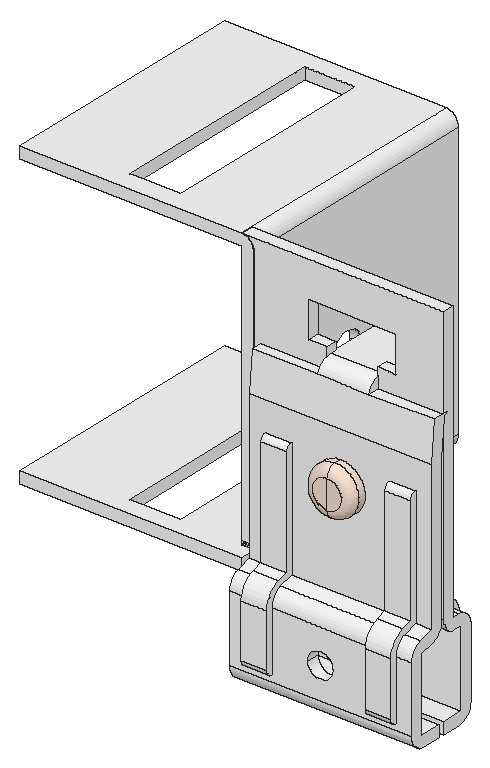
Revit family "cthanger_h0_left", category 機械設備, Revit 2022
Family settings
  丸型コネクタ寸法 = 直径を使用
  種別 = なし
  パーツ タイプ = 標準
  作業面ベース = いいえ
  常に垂直 = はい
  ロード時にボイドで切り取り = いいえ
  注釈の向きを維持 = いいえ
  共有 = いいえ
  部屋計算ポイント = いいえ
Parameters
  製造元 = "株式会社桐井製作所"
  既定の高さ = 0 mm
  URL = "https://www.kirii.co.jp/"
  K_材質 = "溶融亜鉛めっき鋼板及び鋼帯 SGCC 一般用"
  K_品名 = "CTハンガーH＝0左"
  K_名称 = "CTハンガー"
  K_入数 = "200"
  K_備考 = "対象Tバー：eT4025、eAT4025"
  K_バージョン情報 = "20220915"
  K_めっき付着量 = "Z12"
  K_JIS規格 = "JIS G 3302"
Reference planes
  plane 1 "中心(正面/背面)": y = 0
  plane 2: z = 0
  plane 3 "中心(左/右)": x = 0
Forms (mm)
  Extrusion 1, void
    sketch origin (0, -1.2, 0) x (-1, 0, 0) y (0, 0, 1)
      loop
        line (-6, 31.356) -> (-6, 26.343) -> (-3.5, 26.343) -> (-3.5, 21.356) -> (3.5, 21.356) -> (3.5, 26.343) -> (6, 26.343) -> (6, 31.356) -> (-6, 31.356)
    from 1.2 to 2.8
  Extrusion 2, void
    sketch origin (0.011, -1.2, 4.995) x (-1, 0, 0) y (0, 0, 1)
      loop
        circle (0, 6.373) r 2.5
    from 0 to 3.2
  Extrusion 3, void
    sketch origin (0, 0.4, 0) x (1, 0, 0) y (0, 0, 1)
      loop
        line (-13.5, -1.944) -> (-15.1, -1.944) -> (-15.1, -15.644) -> (-12.5, -15.644) -> (-12.5, -2.944)
        arc (-12.5, -2.944) -> (-12.793, -2.237) -> (-13.5, -1.944) r 1
    from -4.2 to 5.8
  Extrusion 4, solid, material "05吊り材"
    sketch origin (0, 1.2, 0) x (0, 1, 0) y (0, 0, -1)
      loop
        line (1.8, 3.544) -> (0.8, 3.544)
        arc (0.8, 3.544) -> (-0.614, 2.958) -> (-1.2, 1.544) r 2
        line (-1.2, 1.544) -> (-1.2, -36.356) -> (0.4, -36.356) -> (0.4, -11.856) -> (0.4, 1.944) -> (1.4, 1.944)
        arc (1.4, 1.944) -> (2.814, 2.53) -> (3.4, 3.944) r 2
        line (3.4, 3.944) -> (3.4, 13.644)
        arc (3.4, 13.644) -> (2.814, 15.058) -> (1.4, 15.644) r 2
        line (1.4, 15.644) -> (-1.2, 15.644) -> (-1.2, 14.044) -> (1.8, 14.044) -> (1.8, 3.544)
    from -12.5 to 15.1
  Extrusion 5, solid, material "アルミニウム"
    sketch origin (0, 1.2, 4.922) x (-1, 0, 0) y (0, 0, -1)
      loop
        circle (0, -6.436) r 4.1
      loop
        circle (0, -6.436) r 2.499
    from -1.8 to 0
  Extrusion 6, solid, material "05吊り材"
    sketch origin (16, 1.2, 0) x (0, 1, 0) y (0, 0, -1)
      loop
        line (1.3, -12.456) -> (1.3, 1.087) -> (2.095, 1.087)
        arc (2.095, 1.087) -> (3.685, 2.14) -> (4.3, 3.944) r 2.953
        line (4.3, 3.944) -> (4.3, 11.744)
        arc (4.3, 11.744) -> (4.036, 12.38) -> (3.4, 12.644) r 0.9
        line (3.4, 12.644) -> (3.4, 3.944)
        arc (3.4, 3.944) -> (2.814, 2.53) -> (1.4, 1.944) r 2
        line (1.4, 1.944) -> (0.4, 1.944) -> (0.4, -13.356)
        arc (0.4, -13.356) -> (1.036, -13.093) -> (1.3, -12.456) r 0.9
      loop
        line (-4, 1.245) -> (-4, -13.556)
        arc (-4, -13.556) -> (-3.766, -14.122) -> (-3.2, -14.356) r 0.8
        line (-3.2, -14.356) -> (-3.2, 1.844) -> (-5.093, 2.4)
        arc (-5.093, 2.4) -> (-6.181, 3.157) -> (-6.6, 4.415) r 2.1
        line (-6.6, 4.415) -> (-6.6, 12.644)
        arc (-6.6, 12.644) -> (-7.166, 12.409) -> (-7.4, 11.844) r 0.8
        line (-7.4, 11.844) -> (-7.4, 4.415)
        arc (-7.4, 4.415) -> (-6.822, 2.678) -> (-5.318, 1.633) r 2.9
        line (-5.318, 1.633) -> (-4, 1.245)
    from 5.75 to 9.25
  Extrusion 7, void
    sketch origin (0.011, 1.2, 4.995) x (-1, 0, 0) y (0, 0, -1)
      loop
        circle (0, -6.373) r 2.5
    from 0 to 3.2
  Extrusion 8, void
    sketch origin (0, -42.1, 50.967) x (1, 0, 0) y (0, 0, -1)
      loop
        line (-3.5, 25.623) -> (-3.5, 27.211) -> (-12.5, 27.211) -> (-12.5, 25.623) -> (-3.5, 25.623)
      loop
        line (12.5, 25.623) -> (12.5, 27.211) -> (3.5, 27.211) -> (3.5, 25.623) -> (12.5, 25.623)
    from 40.46 to 51.2
  Extrusion 9, solid, material "05吊り材"
    sketch origin (0, 1.2, 0) x (0, 1, 0) y (0, 0, -1)
      loop
        line (-5, 4.041) -> (-5, 14.044) -> (-2, 14.044) -> (-2, 15.644) -> (-4.5, 15.644)
        arc (-4.5, 15.644) -> (-5.985, 15.029) -> (-6.6, 13.544) r 2.1
        line (-6.6, 13.544) -> (-6.6, 4.415)
        arc (-6.6, 4.415) -> (-6.181, 3.157) -> (-5.093, 2.4) r 2.1
        line (-5.093, 2.4) -> (-3.2, 1.844) -> (-3.2, -18.356) -> (-2.659, -23.655)
        arc (-2.659, -23.655) -> (-1.932, -24.867) -> (-0.6, -25.343) r 2.1
        line (-0.6, -25.343) -> (7.9, -25.343) -> (7.9, -23.756) -> (-0.6, -23.756)
        arc (-0.6, -23.756) -> (-0.954, -23.61) -> (-1.1, -23.256) r 0.5
        line (-1.1, -23.256) -> (-1.6, -18.356) -> (-1.6, 1.47)
        arc (-1.6, 1.47) -> (-2.019, 2.728) -> (-3.107, 3.484) r 2.1
        line (-3.107, 3.484) -> (-5, 4.041)
    from -12.5 to 12.5
  Extrusion 10, solid, material "05吊り材"
    sketch origin (-1, 1.2, 0) x (0, 1, 0) y (0, 0, -1)
      loop
        line (1.3, -12.456) -> (1.3, 1.087) -> (2.095, 1.087)
        arc (2.095, 1.087) -> (3.685, 2.14) -> (4.3, 3.944) r 2.953
        line (4.3, 3.944) -> (4.3, 11.744)
        arc (4.3, 11.744) -> (4.036, 12.38) -> (3.4, 12.644) r 0.9
        line (3.4, 12.644) -> (3.4, 3.944)
        arc (3.4, 3.944) -> (2.814, 2.53) -> (1.4, 1.944) r 2
        line (1.4, 1.944) -> (0.4, 1.944) -> (0.4, -13.356)
        arc (0.4, -13.356) -> (1.036, -13.093) -> (1.3, -12.456) r 0.9
      loop
        line (-4, 1.245) -> (-4, -13.556)
        arc (-4, -13.556) -> (-3.766, -14.122) -> (-3.2, -14.356) r 0.8
        line (-3.2, -14.356) -> (-3.2, 1.844) -> (-5.093, 2.4)
        arc (-5.093, 2.4) -> (-6.181, 3.157) -> (-6.6, 4.415) r 2.1
        line (-6.6, 4.415) -> (-6.6, 12.644)
        arc (-6.6, 12.644) -> (-7.166, 12.409) -> (-7.4, 11.844) r 0.8
        line (-7.4, 11.844) -> (-7.4, 4.415)
        arc (-7.4, 4.415) -> (-6.822, 2.678) -> (-5.318, 1.633) r 2.9
        line (-5.318, 1.633) -> (-4, 1.245)
    from 5.75 to 9.25
  Extrusion 11, solid, material "05吊り材"
    sketch origin (16, 1.2, 0) x (0, 1, 0) y (0, 0, -1)
      loop
        line (1.3, -12.456) -> (1.3, 1.087) -> (2.095, 1.087)
        arc (2.095, 1.087) -> (3.685, 2.14) -> (4.3, 3.944) r 2.953
        line (4.3, 3.944) -> (4.3, 11.744)
        arc (4.3, 11.744) -> (4.036, 12.38) -> (3.4, 12.644) r 0.9
        line (3.4, 12.644) -> (3.4, 3.944)
        arc (3.4, 3.944) -> (2.814, 2.53) -> (1.4, 1.944) r 2
        line (1.4, 1.944) -> (0.4, 1.944) -> (0.4, -13.356)
        arc (0.4, -13.356) -> (1.036, -13.093) -> (1.3, -12.456) r 0.9
      loop
        line (-4, 1.245) -> (-4, -13.556)
        arc (-4, -13.556) -> (-3.766, -14.122) -> (-3.2, -14.356) r 0.8
        line (-3.2, -14.356) -> (-3.2, 1.844) -> (-5.093, 2.4)
        arc (-5.093, 2.4) -> (-6.181, 3.157) -> (-6.6, 4.415) r 2.1
        line (-6.6, 4.415) -> (-6.6, 12.644)
        arc (-6.6, 12.644) -> (-7.166, 12.409) -> (-7.4, 11.844) r 0.8
        line (-7.4, 11.844) -> (-7.4, 4.415)
        arc (-7.4, 4.415) -> (-6.822, 2.678) -> (-5.318, 1.633) r 2.9
        line (-5.318, 1.633) -> (-4, 1.245)
    from 5.75 to 9.25
  Extrusion 12, void
    sketch origin (0, 34.992, -20.1) x (1, 0, 0) y (0, 1, 0)
      loop
        line (-32.5, -2.5) -> (-32.5, -32.5) -> (-25.5, -32.5) -> (-25.5, -2.5) -> (-32.5, -2.5)
    from 54.856 to 56.456
  Extrusion 13, void
    sketch origin (0, 34.992, -60.1) x (1, 0, 0) y (0, 1, 0)
      loop
        line (-32.5, -2.5) -> (-32.5, -32.5) -> (-25.5, -32.5) -> (-25.5, -2.5) -> (-32.5, -2.5)
    from 54.856 to 56.456
  Extrusion 14, void
    sketch origin (0, -8.4, -3.594) x (1, 0, 0) y (0, 0, 1)
      loop
        circle (0, -5.55) r 1.75
    from -4.6 to -3
  Extrusion 15, solid, material "05吊り材"
    sketch origin (0, 35, -20.1) x (1, 0, 0) y (0, 0, 1)
      loop
        line (-45.5, 56.456) -> (-45.5, 54.856) -> (-15.1, 54.856) -> (-15.1, 16.456) -> (-45.5, 16.456) -> (-45.5, 14.856) -> (-15.5, 14.856)
        arc (-15.5, 14.856) -> (-14.086, 15.442) -> (-13.5, 16.856) r 2
        line (-13.5, 16.856) -> (-13.5, 54.456)
        arc (-13.5, 54.456) -> (-13.94, 55.728) -> (-15.071, 56.456) r 2.058
        line (-15.071, 56.456) -> (-45.5, 56.456)
    from 0 to 35
  Extrusion 16, void
    sketch origin (0, 33.437, -20.078) x (0, 1, 0) y (0, 0, 1)
      loop
        circle (-17.5, 35.456) r 2.5
    from -15.1 to -13.5
  Extrusion 17, void
    sketch origin (0, 0, -3.594) x (1, 0, 0) y (0, 0, 1)
      loop
        circle (0, -5.55) r 1.75
    from -4.6 to -3
  Extrusion 18, void
    sketch origin (0, -1.6, 0) x (0, 1, 0) y (0, 0, 1)
      loop
        line (1.6, -5.397) -> (14.7, -5.397) -> (14.7, -1.944) -> (1.6, -1.944) -> (1.6, -5.397)
    from -15.1 to -13.5
Cuts and joins
  Extrusion 7, Extrusion 8, Extrusion 14, Extrusion 17 cuts Extrusion 9
  joined: Extrusion 6, Extrusion 9, Extrusion 10, Extrusion 11
  Extrusion 1, Extrusion 2, Extrusion 3, Extrusion 7, Extrusion 14, Extrusion 17 cuts Extrusion 4
  Extrusion 12, Extrusion 13, Extrusion 16, Extrusion 18 cuts Extrusion 15
Dimensions and locks
  aligned and locked: level to plane 2
Nested families
  nested 1: "直吊りハンガー用ビス" at (0.011, -2, 11.368) x (-1, 0, 0) z (0, 0, 1), type "直吊りハンガー用ビス"
Definition of nested family "直吊りハンガー用ビス"
  Parameters (values of type "直吊りハンガー用ビス")
    Manufacturer = "株式会社桐井製作所"
    Default Elevation = 0 mm
    URL = "https://www.kirii.co.jp/"
    K_名称 = "M6×25ボルト"
  Reference planes
    plane 1 "中心(正面/背面)": y = 0
    plane 2: z = 0
    plane 3 "中心(左/右)": x = 0
    plane 4 "正面": y = -5
  Forms (mm)
    Extrusion 1, solid
      sketch origin (0, 0, 0.234) x (1, 0, 0) y (0, 0, 1)
        loop
          circle (-0.011, -0.2) r 2.5
      from 0 to -5
    Revolve 2, solid
      sketch origin (0, 0, 0) x (0, 1, 0) y (0, 0, 1)
        loop
          line (0, 0) -> (-2.299, 0) -> (-2.299, -1.966)
          arc (-2.299, -1.966) -> (-1.904, -2.921) -> (-0.949, -3.316) r 1.35
          line (-0.949, -3.316) -> (0, -3.316) -> (0, 0)
        axis (0, 0) -> (-2.299, 0)
      angle from 0 to 360
  Cuts and joins
    joined: Extrusion 1, Revolve 2
  Dimensions and locks
    aligned and locked: level to plane 2
